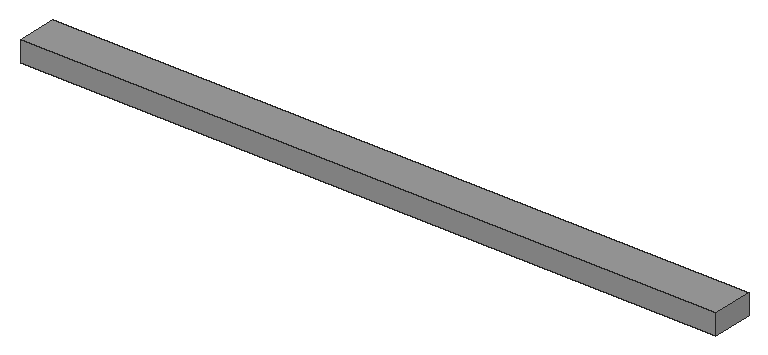
Revit family "EFSteelStrap", category Structural Framing, Revit 2021
Family settings
  Structural Framing Length Roundoff = 0' - 0"
  Section Shape = Not Defined
  Material for Model Behavior = Steel
  Always export as geometry = No
  OmniClass Number = 23.25.30.11.14.14
  OmniClass Title = Beams
  Always vertical = Yes
  Cut with Voids When Loaded = No
  Symbolic Representation = From Project Settings
  Shared = No
  Show family pre-cut in plan views = Yes
Parameters (values of type "4X2 EFSill")
  Type Comments = "2x4"
  Structural Material = Default
  Pipeline = "2x4"
  Description = "Dimension Lumber"
  A = 5.25 in²
  Assembly Code = "B10"
  Length [instance] = 5' - 0"
  b = 0' - 3 1/2"
  d = 0' - 1 3/4"
Types (5): name | Structural Material | b | d
  2x4 RIM Board | none | 0' - 1 1/2" | 0' - 3 1/2"
  4X2 Rim Board | none | 0' - 3 1/2" | 0' - 1 1/2"
  4X10 Rim Board | none | 0' - 3 1/2" | 0' - 7"
  4X2 EF | none | 0' - 3 1/2" | 0' - 2"
  4X2 EFSill | Default | 0' - 3 1/2" | 0' - 1 3/4"
Reference planes (in)
  plane 1 "Center (Front/Back)": y = 0
  plane 2: z = 0
  plane 3 "Center (Left/Right)": x = 0.1815
  plane 4: y = 1.75
  plane 5: y = -1.75
  plane 6: z = 0.875
  plane 7: z = -0.875
  plane 8 "Left": x = -29.8185
  plane 9 "Right": x = 30.1815
Forms (in)
  Sweep 1, solid, material "Default" <- "Structural Material", detail levels medium+fine
    path origin (0, 0, 0) x (1, 0, 0) y (0, 1, 0)
      loop
        line (30.1815, 0) -> (-29.8185, 0)
    profile "Rectangular Wood Beam-Profile : Rectangular Wood Beam-Profile" origin (0.1815, 0, 0) x (0, -1, 0) y (0, 0, 1)
      loop
        line (-1.75, -0.875) -> (1.75, -0.875) -> (1.75, 0.875) -> (-1.75, 0.875) -> (-1.75, -0.875)
Lines and regions (in)
  symbolic lines, style "Stick Symbols", detail levels coarse
    curve 1: line (0.1815, 1.75, 0.875) -> (0.1815, -1.75, 0.875)
    curve 2: line (0.1815, -1.75, -0.875) -> (0.1815, 1.75, -0.875)
    curve 3: line (0.1815, -1.75, 0.875) -> (0.1815, -1.75, -0.875)
    curve 4: line (0.1815, 1.75, -0.875) -> (0.1815, 1.75, 0.875)
  symbolic lines, style "Stick Symbols", detail levels medium
    curve 5: line (-29.8185, 0, 0.875) -> (30.1815, 0, 0.875)
Dimensions and locks (in)
  "b": plane 4 to plane 5
  "d": plane 7 to plane 6
  equal spacing: plane 7, plane 2, plane 6
  equal spacing: plane 4, plane 1 "Center (Front/Back)", plane 5
  "Length": plane 8 "Left" to plane 9 "Right"
  aligned and locked: Sweep 1 sketch curve to plane 1 "Center (Front/Back)"
  aligned and locked: curve 1 to Sweep 1
  aligned and locked: curve 2 to Sweep 1
  aligned and locked: curve 3 to Sweep 1
  aligned and locked: curve 4 to Sweep 1
  aligned and locked: plane 1 "Center (Front/Back)" to curve 5
Automatic sketch dimensions
  curve 5 to Sweep 1 = 0' - 0"  (x2)
  Sweep 1 sketch curve to plane 8 "Left" = 0' - 0"
  Sweep 1 sketch curve to plane 9 "Right" = 0' - 0"
